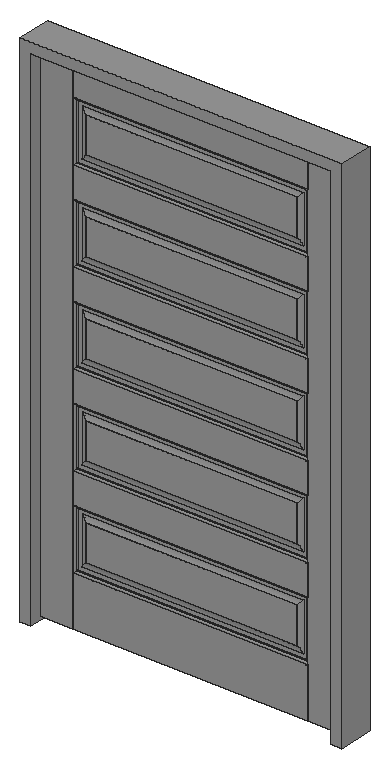
Revit family "I12005P", category Doors, host Wall, Revit 2015
Parameters (values of type "I12005P")
  Function = Interior
  Frame Projection Ext. = 25 mm
  Frame Projection Int. = 25 mm
  Frame Width = 75 mm
  Height = 2090 mm
  Wall Closure = By host
  Width = 1284 mm
Reference planes
  plane 1: y = 0
  plane 2 "Center (Left/Right)": x = 0
  plane 3 "Left": x = -642
  plane 4 "Right": x = 642
  plane 5: z = 2090
  plane 6 "Exterior": y = 75
  plane 7 "Interior": y = -75
Forms (mm)
  Sweep 1, solid, material "Lauan, Meranti"
    path origin (0, 75, 0) x (1, 0, 0) y (0, 0, 1)
      loop
        line (642, 0) -> (642, 2090) -> (-642, 2090) -> (-642, 0)
    profile "Van Acht 140x42 Pivot Door Frame Profile : Van Acht 140x42 Pivot Door Frame Profile" origin (642, 75, 1045) x (-1, 0, 0) y (0, -1, 0)
      loop
        line (0, 5) -> (42, 5) -> (42, 145) -> (0, 145) -> (0, 5)
  Extrusion 2, solid, material "Lauan, Meranti"
    sketch origin (193.5, -112.5, -4) x (0, 1, 0) y (0, 0, 1)
      loop
        line (122.5, 230) -> (122.5, 215) -> (102.5, 215) -> (102.5, 230) -> (98, 230) -> (98, 228)
        arc (98, 228) -> (93.634, 225.67) -> (92, 221) r 6.807
        line (92, 221) -> (90, 221) -> (90, 20) -> (135, 20) -> (135, 221) -> (133, 221)
        arc (133, 221) -> (131.366, 225.67) -> (127, 228) r 6.807
        line (127, 228) -> (127, 230) -> (122.5, 230)
      loop
        line (122.5, 469.4) -> (122.5, 454.4) -> (127, 454.4) -> (127, 456.4)
        arc (127, 456.4) -> (131.366, 458.73) -> (133, 463.4) r 6.807
        line (133, 463.4) -> (135, 463.4) -> (135, 585.4) -> (133, 585.4)
        arc (133, 585.4) -> (131.366, 590.07) -> (127, 592.4) r 6.807
        line (127, 592.4) -> (127, 594.4) -> (122.5, 594.4) -> (122.5, 579.4) -> (102.5, 579.4) -> (102.5, 594.4) -> (98, 594.4) -> (98, 592.4)
        arc (98, 592.4) -> (93.634, 590.07) -> (92, 585.4) r 6.807
        line (92, 585.4) -> (90, 585.4) -> (90, 463.4) -> (92, 463.4)
        arc (92, 463.4) -> (93.634, 458.73) -> (98, 456.4) r 6.807
        line (98, 456.4) -> (98, 454.4) -> (102.5, 454.4) -> (102.5, 469.4) -> (122.5, 469.4)
      loop
        line (122.5, 1927) -> (122.5, 1912) -> (127, 1912) -> (127, 1914)
        arc (127, 1914) -> (131.366, 1916.33) -> (133, 1921) r 6.807
        line (133, 1921) -> (135, 1921) -> (135, 2052) -> (90, 2052) -> (90, 1921) -> (92, 1921)
        arc (92, 1921) -> (93.634, 1916.33) -> (98, 1914) r 6.807
        line (98, 1914) -> (98, 1912) -> (102.5, 1912) -> (102.5, 1927) -> (122.5, 1927)
      loop
        line (122.5, 833.8) -> (122.5, 818.8) -> (127, 818.8) -> (127, 820.8)
        arc (127, 820.8) -> (131.366, 823.13) -> (133, 827.8) r 6.807
        line (133, 827.8) -> (135, 827.8) -> (135, 949.8) -> (133, 949.8)
        arc (133, 949.8) -> (131.366, 954.47) -> (127, 956.8) r 6.807
        line (127, 956.8) -> (127, 958.8) -> (122.5, 958.8) -> (122.5, 943.8) -> (102.5, 943.8) -> (102.5, 958.8) -> (98, 958.8) -> (98, 956.8)
        arc (98, 956.8) -> (93.634, 954.47) -> (92, 949.8) r 6.807
        line (92, 949.8) -> (90, 949.8) -> (90, 827.8) -> (92, 827.8)
        arc (92, 827.8) -> (93.634, 823.13) -> (98, 820.8) r 6.807
        line (98, 820.8) -> (98, 818.8) -> (102.5, 818.8) -> (102.5, 833.8) -> (122.5, 833.8)
      loop
        line (122.5, 1198.2) -> (122.5, 1183.2) -> (127, 1183.2) -> (127, 1185.2)
        arc (127, 1185.2) -> (131.366, 1187.53) -> (133, 1192.2) r 6.807
        line (133, 1192.2) -> (135, 1192.2) -> (135, 1314.2) -> (133, 1314.2)
        arc (133, 1314.2) -> (131.366, 1318.87) -> (127, 1321.2) r 6.807
        line (127, 1321.2) -> (127, 1323.2) -> (122.5, 1323.2) -> (122.5, 1308.2) -> (102.5, 1308.2) -> (102.5, 1323.2) -> (98, 1323.2) -> (98, 1321.2)
        arc (98, 1321.2) -> (93.634, 1318.87) -> (92, 1314.2) r 6.807
        line (92, 1314.2) -> (90, 1314.2) -> (90, 1192.2) -> (92, 1192.2)
        arc (92, 1192.2) -> (93.634, 1187.53) -> (98, 1185.2) r 6.807
        line (98, 1185.2) -> (98, 1183.2) -> (102.5, 1183.2) -> (102.5, 1198.2) -> (122.5, 1198.2)
      loop
        line (122.5, 1562.6) -> (122.5, 1547.6) -> (127, 1547.6) -> (127, 1549.6)
        arc (127, 1549.6) -> (131.366, 1551.93) -> (133, 1556.6) r 6.807
        line (133, 1556.6) -> (135, 1556.6) -> (135, 1678.6) -> (133, 1678.6)
        arc (133, 1678.6) -> (131.366, 1683.27) -> (127, 1685.6) r 6.807
        line (127, 1685.6) -> (127, 1687.6) -> (122.5, 1687.6) -> (122.5, 1672.6) -> (102.5, 1672.6) -> (102.5, 1687.6) -> (98, 1687.6) -> (98, 1685.6)
        arc (98, 1685.6) -> (93.634, 1683.27) -> (92, 1678.6) r 6.807
        line (92, 1678.6) -> (90, 1678.6) -> (90, 1556.6) -> (92, 1556.6)
        arc (92, 1556.6) -> (93.634, 1551.93) -> (98, 1549.6) r 6.807
        line (98, 1549.6) -> (98, 1547.6) -> (102.5, 1547.6) -> (102.5, 1562.6) -> (122.5, 1562.6)
    from -662.5 to 275.5
  Extrusion 3, solid, material "Lauan, Meranti"
    sketch origin (193.5, -27.5, -4) x (1, 0, 0) y (0, 1, 0)
      loop
        line (-793.5, 50) -> (-793.5, 5) -> (-662.5, 5) -> (-662.5, 7)
        arc (-662.5, 7) -> (-657.765, 8.56) -> (-655.5, 13) r 6.549
        line (-655.5, 13) -> (-653.5, 13) -> (-653.5, 17.5) -> (-668.5, 17.5) -> (-668.5, 37.5) -> (-653.5, 37.5) -> (-653.5, 42) -> (-655.5, 42)
        arc (-655.5, 42) -> (-657.765, 46.44) -> (-662.5, 48) r 6.549
        line (-662.5, 48) -> (-662.5, 50) -> (-793.5, 50)
      loop
        line (406.5, 50) -> (275.5, 50) -> (275.5, 48)
        arc (275.5, 48) -> (270.765, 46.44) -> (268.5, 42) r 6.549
        line (268.5, 42) -> (266.5, 42) -> (266.5, 37.5) -> (281.5, 37.5) -> (281.5, 17.5) -> (266.5, 17.5) -> (266.5, 13) -> (268.5, 13)
        arc (268.5, 13) -> (270.765, 8.56) -> (275.5, 7) r 6.549
        line (275.5, 7) -> (275.5, 5) -> (406.5, 5) -> (406.5, 50)
    from 20 to 2052
  Sweep 4, solid, material "Lauan, Meranti"
    path origin (193.5, 47.5, -4) x (1, 0, 0) y (0, 0, 1)
      loop
        line (275.5, 1921) -> (-662.5, 1921) -> (-662.5, 1678.6) -> (275.5, 1678.6) -> (275.5, 1921)
    profile origin (0, 47.5, 1917) x (0, 0, -1) y (0, -1, 0)
      loop
        line (-4.5, 57.5) -> (-4.5, 37.5) -> (25.727, 37.5)
        arc (25.727, 37.5) -> (37.468, 35.847) -> (48.5, 31.5) r 50.456
        line (48.5, 31.5) -> (48.5, 63.5)
        arc (48.5, 63.5) -> (37.468, 59.153) -> (25.727, 57.5) r 50.456
        line (25.727, 57.5) -> (-4.5, 57.5)
  Extrusion 5, solid, material "Lauan, Meranti"
    sketch origin (193.5, 47.5, 711) x (1, 0, 0) y (0, 0, 1)
      loop
        line (227, 1157.5) -> (-614, 1157.5) -> (-614, 1012.1) -> (227, 1012.1) -> (227, 1157.5)
    from 31.5 to 63.5
  Sweep 6, solid, material "Lauan, Meranti"
    path origin (193.5, 47.5, -368.4) x (1, 0, 0) y (0, 0, 1)
      loop
        line (275.5, 1921) -> (-662.5, 1921) -> (-662.5, 1678.6) -> (275.5, 1678.6) -> (275.5, 1921)
    profile origin (0, 47.5, 1552.6) x (0, 0, -1) y (0, -1, 0)
      loop
        line (-4.5, 57.5) -> (-4.5, 37.5) -> (25.727, 37.5)
        arc (25.727, 37.5) -> (37.468, 35.847) -> (48.5, 31.5) r 50.456
        line (48.5, 31.5) -> (48.5, 63.5)
        arc (48.5, 63.5) -> (37.468, 59.153) -> (25.727, 57.5) r 50.456
        line (25.727, 57.5) -> (-4.5, 57.5)
  Extrusion 7, solid, material "Lauan, Meranti"
    sketch origin (193.5, 47.5, 346.6) x (1, 0, 0) y (0, 0, 1)
      loop
        line (227, 1157.5) -> (-614, 1157.5) -> (-614, 1012.1) -> (227, 1012.1) -> (227, 1157.5)
    from 31.5 to 63.5
  Sweep 8, solid, material "Lauan, Meranti"
    path origin (193.5, 47.5, -732.8) x (1, 0, 0) y (0, 0, 1)
      loop
        line (275.5, 1921) -> (-662.5, 1921) -> (-662.5, 1678.6) -> (275.5, 1678.6) -> (275.5, 1921)
    profile origin (0, 47.5, 1188.2) x (0, 0, -1) y (0, -1, 0)
      loop
        line (-4.5, 57.5) -> (-4.5, 37.5) -> (25.727, 37.5)
        arc (25.727, 37.5) -> (37.468, 35.847) -> (48.5, 31.5) r 50.456
        line (48.5, 31.5) -> (48.5, 63.5)
        arc (48.5, 63.5) -> (37.468, 59.153) -> (25.727, 57.5) r 50.456
        line (25.727, 57.5) -> (-4.5, 57.5)
  Extrusion 9, solid, material "Lauan, Meranti"
    sketch origin (193.5, 47.5, -17.8) x (1, 0, 0) y (0, 0, 1)
      loop
        line (227, 1157.5) -> (-614, 1157.5) -> (-614, 1012.1) -> (227, 1012.1) -> (227, 1157.5)
    from 31.5 to 63.5
  Sweep 10, solid, material "Lauan, Meranti"
    path origin (193.5, 47.5, -1097.2) x (1, 0, 0) y (0, 0, 1)
      loop
        line (275.5, 1921) -> (-662.5, 1921) -> (-662.5, 1678.6) -> (275.5, 1678.6) -> (275.5, 1921)
    profile origin (0, 47.5, 823.8) x (0, 0, -1) y (0, -1, 0)
      loop
        line (-4.5, 57.5) -> (-4.5, 37.5) -> (25.727, 37.5)
        arc (25.727, 37.5) -> (37.468, 35.847) -> (48.5, 31.5) r 50.456
        line (48.5, 31.5) -> (48.5, 63.5)
        arc (48.5, 63.5) -> (37.468, 59.153) -> (25.727, 57.5) r 50.456
        line (25.727, 57.5) -> (-4.5, 57.5)
  Extrusion 11, solid, material "Lauan, Meranti"
    sketch origin (193.5, 47.5, -382.2) x (1, 0, 0) y (0, 0, 1)
      loop
        line (227, 1157.5) -> (-614, 1157.5) -> (-614, 1012.1) -> (227, 1012.1) -> (227, 1157.5)
    from 31.5 to 63.5
  Sweep 12, solid, material "Lauan, Meranti"
    path origin (193.5, 47.5, -1461.6) x (1, 0, 0) y (0, 0, 1)
      loop
        line (275.5, 1921) -> (-662.5, 1921) -> (-662.5, 1678.6) -> (275.5, 1678.6) -> (275.5, 1921)
    profile origin (0, 47.5, 459.4) x (0, 0, -1) y (0, -1, 0)
      loop
        line (-4.5, 57.5) -> (-4.5, 37.5) -> (25.727, 37.5)
        arc (25.727, 37.5) -> (37.468, 35.847) -> (48.5, 31.5) r 50.456
        line (48.5, 31.5) -> (48.5, 63.5)
        arc (48.5, 63.5) -> (37.468, 59.153) -> (25.727, 57.5) r 50.456
        line (25.727, 57.5) -> (-4.5, 57.5)
  Extrusion 13, solid, material "Lauan, Meranti"
    sketch origin (193.5, 47.5, -746.6) x (1, 0, 0) y (0, 0, 1)
      loop
        line (227, 1157.5) -> (-614, 1157.5) -> (-614, 1012.1) -> (227, 1012.1) -> (227, 1157.5)
    from 31.5 to 63.5
Lines and regions (mm)
  Opening 1
    outline origin (-3050, -75, 0) x (1, 0, 0) y (0, 0, 1)
      loop
        line (2408, 0) -> (3692, 0) -> (3692, 2090) -> (2408, 2090) -> (2408, 0)
  symbolic lines, style "Elevation Swing"
    curve 1: line (642, -75, 1045) -> (-300, -75, 2048)
    curve 2: line (642, -75, 1045) -> (-300, -75, 0)
    curve 3: line (-600, -75, 1045) -> (-300, -75, 2048)
    curve 4: line (-600, -75, 1045) -> (-300, -75, 0)
  model lines
    curve 5: line (-600, 22.5, 0) -> (600, 22.5, 0)
    curve 6: line (-600, -22.5, 0) -> (600, -22.5, 0)
    curve 7: line (-300, 22.5, 0) -> (-300, 922.5, 0)
    curve 8: arc (600, 22.5, 0) -> (336.396, 658.896, 0) -> (-300, 922.5, 0) r 900
    curve 9: line (-300, -22.5, 0) -> (-300, -322.5, 0)
    curve 10: arc (-300, -322.5, 0) -> (-512.132, -234.632, 0) -> (-600, -22.5, 0) r 300
  model lines, style "Elevation Swing"
    curve 11: line (-300, 0, 0) -> (-300, 0, 2048)
Text (mm)
  text "Exterior" at (-2295.016, 1099.543, 0), in view "Ref. Level"
  text "Exterior" at (0, 1615.38, 3698.081), in view "Left"
  text "Exterior" at (0, 1036.032, 3874.932), in view "Right"
Dimensions and locks
  equal spacing: plane 3 "Left", plane 2 "Center (Left/Right)", plane 4 "Right"
  "Width": plane 3 "Left" to plane 4 "Right"
  "Height": plane 5 to host wall
  equal spacing: host wall, curve 2, plane 5
  host wall to plane 5 = 2090 mm
  locked: plane 6 "Exterior" to host wall at 0
  locked: plane 7 "Interior" to host wall
  aligned and locked: plane 3 "Left" to Opening 1 sketch curve
  aligned and locked: plane 5 to Opening 1 sketch curve  (x2)
  aligned and locked: Opening 1 sketch curve to plane 4 "Right"
  aligned and locked: Opening 1 sketch curve to level
  aligned and locked: plane 1 to host wall
Automatic sketch dimensions
  curve 11 to level = 0 mm
  curve 2 to level = 0 mm
  plane 4 "Right" to curve 2 = 0 mm
  plane 5 to curve 11 = 42 mm
  curve 1 to curve 11 = 0 mm  (x2)
  curve 11 to plane 2 "Center (Left/Right)" = 300 mm
  curve 2 to curve 11 = 0 mm
  plane 3 "Left" to Sweep 1 sketch curve = 0 mm
  plane 4 "Right" to Sweep 1 sketch curve = 0 mm
  Sweep 1 sketch curve to level = 0 mm  (x2)
  Sweep 1 sketch curve to plane 5 = 0 mm
  curve 4 to level = 0 mm
  curve 4 to plane 3 "Left" = 42 mm
  level to curve 4 = 1045 mm
  curve 4 to plane 2 "Center (Left/Right)" = 300 mm
  plane 5 to curve 3 = 42 mm
  curve 3 to plane 2 "Center (Left/Right)" = 300 mm
  curve 6 to plane 3 "Left" = 42 mm
  curve 7 to plane 2 "Center (Left/Right)" = 300 mm
  curve 10 to curve 8 = 0 mm
  plane 4 "Right" to curve 5 = 42 mm
  host wall to curve 9 = 247.5 mm
  curve 5 to host wall = 22.5 mm
  curve 5 to plane 3 "Left" = 42 mm
  plane 4 "Right" to curve 6 = 42 mm
  host wall to Extrusion 2 sketch curve = 22.5 mm  (x6)
  Extrusion 2 sketch curve to Extrusion 2 sketch curve = 2 mm  (x35)
  Extrusion 2 sketch curve to Extrusion 2 sketch curve = 6 mm  (x20)
  Extrusion 2 sketch curve to Extrusion 2 sketch curve = 0.803 mm  (x10)
  Extrusion 2 sketch curve to Extrusion 2 sketch curve = 3.697 mm  (x16)
  Extrusion 2 sketch curve to Extrusion 2 sketch curve = 4.5 mm  (x14)
  Extrusion 2 sketch curve to host wall = 10 mm  (x10)
  Extrusion 2 sketch curve to Extrusion 2 sketch curve = 6.803 mm  (x10)
  Extrusion 2 sketch curve to host wall = 22.5 mm
  level to Extrusion 2 sketch curve = 16 mm
  Extrusion 2 sketch curve to Extrusion 2 sketch curve = 195 mm
  Extrusion 2 sketch curve to Extrusion 2 sketch curve = 0.241 mm  (x10)
  Extrusion 2 sketch curve to Extrusion 2 sketch curve = 224.4 mm  (x4)
  Extrusion 2 sketch curve to Extrusion 2 sketch curve = 0 mm  (x5)
  Extrusion 2 sketch curve to Extrusion 2 sketch curve = 6.759 mm  (x10)
  Extrusion 2 sketch curve to Extrusion 2 sketch curve = 6.241 mm  (x5)
  Extrusion 2 sketch curve to Extrusion 2 sketch curve = 110 mm  (x4)
  plane 5 to Extrusion 2 sketch curve = 182 mm
  plane 5 to Extrusion 2 sketch curve = 42 mm
  Extrusion 3 sketch curve to plane 3 "Left" = 42 mm
  host wall to Extrusion 3 sketch curve = 10 mm  (x2)
  Extrusion 3 sketch curve to Extrusion 3 sketch curve = 125 mm
  Extrusion 3 sketch curve to Extrusion 3 sketch curve = 6 mm  (x2)
  Extrusion 3 sketch curve to Extrusion 3 sketch curve = 0.473 mm  (x4)
  Extrusion 3 sketch curve to Extrusion 3 sketch curve = 6.527 mm  (x4)
  Extrusion 3 sketch curve to Extrusion 3 sketch curve = 2 mm  (x8)
  Extrusion 3 sketch curve to host wall = 14.5 mm
  plane 4 "Right" to Extrusion 3 sketch curve = 182 mm
  Extrusion 3 sketch curve to Extrusion 3 sketch curve = 0 mm
  Extrusion 3 sketch curve to Extrusion 3 sketch curve = 6.473 mm
  plane 4 "Right" to Extrusion 3 sketch curve = 42 mm
  Extrusion 3 sketch curve to Extrusion 3 sketch curve = 3.968 mm  (x3)
  Extrusion 3 sketch curve to Extrusion 3 sketch curve = 4.5 mm  (x3)
  Extrusion 3 sketch curve to host wall = 10 mm  (x2)
  Extrusion 3 sketch curve to Extrusion 3 sketch curve = 0.532 mm
  Sweep 4 sketch curve to plane 3 "Left" = 173 mm
  plane 4 "Right" to Sweep 4 sketch curve = 173 mm
  plane 5 to Sweep 4 sketch curve = 415.4 mm
  plane 5 to Sweep 4 sketch curve = 173 mm
  profile plane to Sweep 4 sketch curve = 4.5 mm
  Sweep 4 sketch curve to profile plane = 24.613 mm  (x2)
  Sweep 4 sketch curve to profile plane = 25.727 mm
  Sweep 4 sketch curve to Sweep 4 sketch curve = 0 mm
  Sweep 4 sketch curve to Sweep 4 sketch curve = 22.773 mm
  Sweep 4 sketch curve to profile plane = 12.944 mm
  profile plane to Sweep 4 sketch curve = 31.5 mm
  Sweep 4 sketch curve to Sweep 4 sketch curve = 20 mm
  Sweep 4 sketch curve to Sweep 4 sketch curve = 6 mm
  Extrusion 5 sketch curve to plane 3 "Left" = 221.5 mm
  plane 4 "Right" to Extrusion 5 sketch curve = 221.5 mm
  plane 5 to Extrusion 5 sketch curve = 366.9 mm
  Extrusion 5 sketch curve to Extrusion 5 sketch curve = 145.4 mm
  Sweep 6 sketch curve to plane 3 "Left" = 173 mm
  plane 4 "Right" to Sweep 6 sketch curve = 173 mm
  plane 5 to Sweep 6 sketch curve = 779.8 mm
  Sweep 6 sketch curve to Sweep 6 sketch curve = 242.4 mm
  profile plane to Sweep 6 sketch curve = 4.5 mm
  Sweep 6 sketch curve to profile plane = 24.613 mm  (x2)
  Sweep 6 sketch curve to profile plane = 25.727 mm
  Sweep 6 sketch curve to Sweep 6 sketch curve = 0 mm
  Sweep 6 sketch curve to Sweep 6 sketch curve = 22.773 mm
  Sweep 6 sketch curve to profile plane = 12.944 mm
  profile plane to Sweep 6 sketch curve = 31.5 mm
  Sweep 6 sketch curve to Sweep 6 sketch curve = 20 mm
  Sweep 6 sketch curve to Sweep 6 sketch curve = 6 mm
  Extrusion 7 sketch curve to plane 3 "Left" = 221.5 mm
  plane 4 "Right" to Extrusion 7 sketch curve = 221.5 mm
  plane 5 to Extrusion 7 sketch curve = 731.3 mm
  Extrusion 7 sketch curve to Extrusion 7 sketch curve = 145.4 mm
  Sweep 8 sketch curve to plane 3 "Left" = 173 mm
  plane 4 "Right" to Sweep 8 sketch curve = 173 mm
  level to Sweep 8 sketch curve = 945.8 mm
  Sweep 8 sketch curve to Sweep 8 sketch curve = 242.4 mm
  profile plane to Sweep 8 sketch curve = 4.5 mm
  Sweep 8 sketch curve to profile plane = 24.613 mm  (x2)
  Sweep 8 sketch curve to profile plane = 25.727 mm
  Sweep 8 sketch curve to Sweep 8 sketch curve = 0 mm
  Sweep 8 sketch curve to Sweep 8 sketch curve = 22.773 mm
  Sweep 8 sketch curve to profile plane = 12.944 mm
  profile plane to Sweep 8 sketch curve = 31.5 mm
  Sweep 8 sketch curve to Sweep 8 sketch curve = 20 mm
  Sweep 8 sketch curve to Sweep 8 sketch curve = 6 mm
  Extrusion 9 sketch curve to plane 3 "Left" = 221.5 mm
  plane 4 "Right" to Extrusion 9 sketch curve = 221.5 mm
  level to Extrusion 9 sketch curve = 994.3 mm
  Extrusion 9 sketch curve to Extrusion 9 sketch curve = 145.4 mm
  Sweep 10 sketch curve to plane 3 "Left" = 173 mm
  plane 4 "Right" to Sweep 10 sketch curve = 173 mm
  level to Sweep 10 sketch curve = 581.4 mm
  Sweep 10 sketch curve to Sweep 10 sketch curve = 242.4 mm
  profile plane to Sweep 10 sketch curve = 4.5 mm
  Sweep 10 sketch curve to profile plane = 24.613 mm  (x2)
  Sweep 10 sketch curve to profile plane = 25.727 mm
  Sweep 10 sketch curve to Sweep 10 sketch curve = 0 mm
  Sweep 10 sketch curve to Sweep 10 sketch curve = 22.773 mm
  Sweep 10 sketch curve to profile plane = 12.944 mm
  profile plane to Sweep 10 sketch curve = 31.5 mm
  Sweep 10 sketch curve to Sweep 10 sketch curve = 20 mm
  Sweep 10 sketch curve to Sweep 10 sketch curve = 6 mm
  Extrusion 11 sketch curve to plane 3 "Left" = 221.5 mm
  plane 4 "Right" to Extrusion 11 sketch curve = 221.5 mm
  level to Extrusion 11 sketch curve = 629.9 mm
  Extrusion 11 sketch curve to Extrusion 11 sketch curve = 145.4 mm
  Sweep 12 sketch curve to plane 3 "Left" = 173 mm
  plane 4 "Right" to Sweep 12 sketch curve = 173 mm
  level to Sweep 12 sketch curve = 217 mm
  Sweep 12 sketch curve to Sweep 12 sketch curve = 242.4 mm
  profile plane to Sweep 12 sketch curve = 4.5 mm
  Sweep 12 sketch curve to profile plane = 24.613 mm  (x2)
  Sweep 12 sketch curve to profile plane = 25.727 mm
  Sweep 12 sketch curve to Sweep 12 sketch curve = 0 mm
  Sweep 12 sketch curve to Sweep 12 sketch curve = 22.773 mm
  Sweep 12 sketch curve to profile plane = 12.944 mm
  profile plane to Sweep 12 sketch curve = 31.5 mm
  Sweep 12 sketch curve to Sweep 12 sketch curve = 20 mm
  Sweep 12 sketch curve to Sweep 12 sketch curve = 6 mm
  Extrusion 13 sketch curve to plane 3 "Left" = 221.5 mm
  plane 4 "Right" to Extrusion 13 sketch curve = 221.5 mm
  level to Extrusion 13 sketch curve = 265.5 mm
  Extrusion 13 sketch curve to Extrusion 13 sketch curve = 145.4 mm
